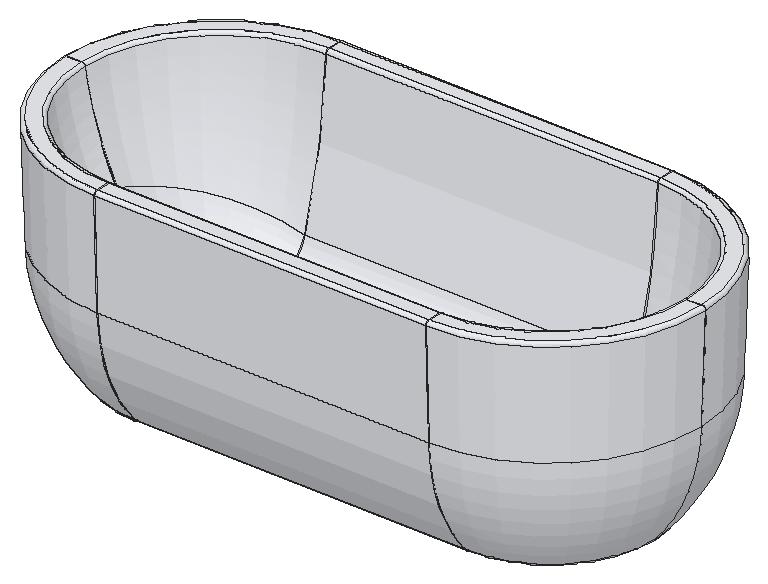
Revit family "Bath-Freestanding-Stylus Origin 1550a", category Plumbing Fixtures, host Face, Revit 2014
Parameters (values of type "Standard")
  Width_ANZRS = 750 mm  # constant formula
  Waste Radius [instance] = 30 mm
  Waste Connection = yes
  Waste = Metal-Chrome-Caroma
  WFU = 4
  Vent Connection = no
  URL = "http://www.stylus.com.au"
  Type Comments = "Integrated adjustable feet included, no overflow, plug & waste not included, white only"  # constant formula
  PlumbingMaterial_ANZRS = PVC-White-Caroma
  ModifiedIssue_ANZRS = 20141003.01  # constant formula
  Model = "OR6W"  # constant formula
  Material_ANZRS = Porcelain-White-Caroma
  Manufacturer = "GWA Bathrooms & Kitchens"  # constant formula
  Length_ANZRS = 1550 mm  # constant formula
  Keynote = "BT"
  Height_ANZRS = 550 mm  # constant formula
  HW Connection = no
  Description = "Stylus Origin 1550 Freestanding Bath"  # constant formula
  Default Elevation = 0 mm
  CreatedBy_ANZRS = "Design Content"  # constant formula
  CreatedByURL_ANZRS = "http://www.designcontent.com.au"
  Cost = 0
  Capacity_ANZRS = 0.0 L
  CW Connection = no
  Assembly Code = "C1030210"
Reference planes
  plane 1 "Origin": y = 0
  plane 2 "Bottom": z = 0
  plane 3 "Center (Left/Right)": x = 0
  plane 4 "Top": z = 550
  plane 5 "Back": y = 375
  plane 6 "Front": y = -375
  plane 7 "Left": x = -775
  plane 8 "Right": x = 775
  plane 9: y = 125
Forms (mm)
  Revolve 1, solid, material "Porcelain-White-Caroma" <- "Material_ANZRS"
    sketch origin (0, 125, 0) x (0, 1, 0) y (0, 0, 1)
      loop
        arc (39.009, 112) -> (36.591, 111.468) -> (34.619, 109.972) r 5.765
        arc (34.619, 109.972) -> (30.772, 106.833) -> (26.063, 105.262) r 13.775
        line (26.063, 105.262) -> (26.063, 90.742) -> (31.063, 90.742) -> (31.063, 101.453)
        arc (31.063, 101.453) -> (35.068, 103.641) -> (38.426, 106.731) r 18.775
        line (38.426, 106.731) -> (42.912, 112) -> (39.009, 112)
      axis (0, 112) -> (0, 90.742)
    angle from 0 to 360
  Extrusion 2, solid, material "PVC-White-Caroma" <- "PlumbingMaterial_ANZRS"
    sketch origin (0, 125, 0) x (1, 0, 0) y (0, 1, 0)
      loop
        circle (0, 0) r 30
    from 0 to 80
  Extrusion 3, void
    sketch origin (0, 125, 0) x (1, 0, 0) y (0, 1, 0)
      loop
        circle (0, 0) r 30
    from -200 to 0
  SweptBlend 4, solid, material "Porcelain-White-Caroma" <- "Material_ANZRS"
    path origin (0, 0, 0) x (1, 0, 0) y (0, 1, 0)
      loop
        arc (-400, 375) -> (-665.165, 265.165) -> (-775, 0) r 375
    profile origin (-400, 375, 0) x (0, -1, 0) y (0, 0, 1)
      loop
        line (0.036, 540.686) -> (8.968, 284.906)
        arc (8.968, 284.906) -> (40.706, 134.306) -> (121.582, 3.361) r 447.579
        arc (121.582, 3.361) -> (124.961, 0.879) -> (129.06, 0) r 10
        line (129.06, 0) -> (306.7, 0) -> (306.7, 112) -> (205.82, 112)
        arc (205.82, 112) -> (149.779, 130.29) -> (115.317, 178.116) r 95
        arc (115.317, 178.116) -> (70.778, 358.005) -> (50.381, 542.199) r 1400.399
        arc (50.381, 542.199) -> (47.871, 547.736) -> (42.229, 550) r 8.161
        line (42.229, 550) -> (9.031, 550)
        arc (9.031, 550) -> (2.557, 547.252) -> (0.036, 540.686) r 9
    end profile origin (-775, 0, 0) x (1, 0, 0) y (0, 0, 1)
      loop
        line (0.036, 540.691) -> (8.899, 286.881)
        arc (8.899, 286.881) -> (40.093, 136.551) -> (119.553, 5.181) r 454.565
        arc (119.553, 5.181) -> (124.659, 1.357) -> (130.893, 0) r 15
        line (130.893, 0) -> (306.665, 0) -> (306.665, 112)
        arc (306.665, 112) -> (271.973, 119.402) -> (243.324, 140.317) r 85
        arc (243.324, 140.317) -> (180.456, 220.484) -> (128.501, 308.118) r 784.949
        arc (128.501, 308.118) -> (81.382, 422.269) -> (52.749, 542.397) r 784.949
        arc (52.749, 542.397) -> (49.709, 547.844) -> (43.857, 550.005) r 9
        line (43.857, 550.005) -> (9.031, 550.005)
        arc (9.031, 550.005) -> (2.557, 547.257) -> (0.036, 540.691) r 9
  Sweep 5, solid, material "Porcelain-White-Caroma" <- "Material_ANZRS"
    path origin (0, 0, 0) x (1, 0, 0) y (0, 1, 0)
      loop
        line (-400, 375) -> (400, 375)
    profile origin (0, 375, 0) x (0, 1, 0) y (0, 0, 1)
      loop
        arc (-0.036, 540.686) -> (-2.557, 547.252) -> (-9.031, 550) r 9
        line (-9.031, 550) -> (-42.229, 550)
        arc (-42.229, 550) -> (-47.871, 547.736) -> (-50.381, 542.199) r 8.161
        arc (-50.381, 542.199) -> (-70.778, 358.005) -> (-115.317, 178.116) r 1400.399
        arc (-115.317, 178.116) -> (-149.779, 130.29) -> (-205.82, 112) r 95
        line (-205.82, 112) -> (-306.7, 112) -> (-306.7, 0) -> (-129.06, 0)
        arc (-129.06, 0) -> (-124.961, 0.879) -> (-121.582, 3.361) r 10
        arc (-121.582, 3.361) -> (-40.706, 134.306) -> (-8.968, 284.906) r 447.579
        line (-8.968, 284.906) -> (-0.036, 540.686)
  Sweep 6, solid, material "Porcelain-White-Caroma" <- "Material_ANZRS"
    path origin (0, 0, 0) x (1, 0, 0) y (0, -1, 0)
      loop
        line (-400, 375) -> (400, 375)
    profile origin (0, -375, 0) x (0, 1, 0) y (0, 0, 1)
      loop
        line (0.036, 540.686) -> (8.968, 284.906)
        arc (8.968, 284.906) -> (40.706, 134.306) -> (121.582, 3.361) r 447.579
        arc (121.582, 3.361) -> (124.961, 0.879) -> (129.06, 0) r 10
        line (129.06, 0) -> (306.7, 0) -> (306.7, 112) -> (205.82, 112)
        arc (205.82, 112) -> (149.779, 130.29) -> (115.317, 178.116) r 95
        arc (115.317, 178.116) -> (70.778, 358.005) -> (50.381, 542.199) r 1400.399
        arc (50.381, 542.199) -> (47.871, 547.736) -> (42.229, 550) r 8.161
        line (42.229, 550) -> (9.031, 550)
        arc (9.031, 550) -> (2.557, 547.252) -> (0.036, 540.686) r 9
  SweptBlend 7, solid, material "Porcelain-White-Caroma" <- "Material_ANZRS"
    path origin (0, 0, 0) x (1, 0, 0) y (0, -1, 0)
      loop
        arc (-400, 375) -> (-665.165, 265.165) -> (-775, 0) r 375
    profile origin (-400, -375, 0) x (0, -1, 0) y (0, 0, 1)
      loop
        arc (-0.036, 540.686) -> (-2.557, 547.252) -> (-9.031, 550) r 9
        line (-9.031, 550) -> (-42.229, 550)
        arc (-42.229, 550) -> (-47.871, 547.736) -> (-50.381, 542.199) r 8.161
        arc (-50.381, 542.199) -> (-70.778, 358.005) -> (-115.317, 178.116) r 1400.399
        arc (-115.317, 178.116) -> (-149.779, 130.29) -> (-205.82, 112) r 95
        line (-205.82, 112) -> (-306.7, 112) -> (-306.7, 0) -> (-129.06, 0)
        arc (-129.06, 0) -> (-124.961, 0.879) -> (-121.582, 3.361) r 10
        arc (-121.582, 3.361) -> (-40.706, 134.306) -> (-8.968, 284.906) r 447.579
        line (-8.968, 284.906) -> (-0.036, 540.686)
    end profile origin (-775, 0, 0) x (-1, 0, 0) y (0, 0, 1)
      loop
        arc (-0.036, 540.691) -> (-2.557, 547.257) -> (-9.031, 550.005) r 9
        line (-9.031, 550.005) -> (-43.857, 550.005)
        arc (-43.857, 550.005) -> (-49.709, 547.844) -> (-52.749, 542.397) r 9
        arc (-52.749, 542.397) -> (-81.382, 422.269) -> (-128.501, 308.118) r 784.949
        arc (-128.501, 308.118) -> (-180.456, 220.484) -> (-243.324, 140.317) r 784.949
        arc (-243.324, 140.317) -> (-271.973, 119.402) -> (-306.665, 112) r 85
        line (-306.665, 112) -> (-306.665, 0) -> (-130.893, 0)
        arc (-130.893, 0) -> (-124.659, 1.357) -> (-119.553, 5.181) r 15
        arc (-119.553, 5.181) -> (-40.093, 136.551) -> (-8.899, 286.881) r 454.565
        line (-8.899, 286.881) -> (-0.036, 540.691)
  SweptBlend 8, solid, material "Porcelain-White-Caroma" <- "Material_ANZRS"
    path origin (0, 0, 0) x (-1, 0, 0) y (0, 1, 0)
      loop
        arc (-400, 375) -> (-665.165, 265.165) -> (-775, 0) r 375
    profile origin (400, 375, 0) x (0, 1, 0) y (0, 0, 1)
      loop
        arc (-0.036, 540.686) -> (-2.557, 547.252) -> (-9.031, 550) r 9
        line (-9.031, 550) -> (-42.229, 550)
        arc (-42.229, 550) -> (-47.871, 547.736) -> (-50.381, 542.199) r 8.161
        arc (-50.381, 542.199) -> (-70.778, 358.005) -> (-115.317, 178.116) r 1400.399
        arc (-115.317, 178.116) -> (-149.779, 130.29) -> (-205.82, 112) r 95
        line (-205.82, 112) -> (-306.7, 112) -> (-306.7, 0) -> (-129.06, 0)
        arc (-129.06, 0) -> (-124.961, 0.879) -> (-121.582, 3.361) r 10
        arc (-121.582, 3.361) -> (-40.706, 134.306) -> (-8.968, 284.906) r 447.579
        line (-8.968, 284.906) -> (-0.036, 540.686)
    end profile origin (775, 0, 0) x (1, 0, 0) y (0, 0, 1)
      loop
        arc (-0.036, 540.691) -> (-2.557, 547.257) -> (-9.031, 550.005) r 9
        line (-9.031, 550.005) -> (-43.857, 550.005)
        arc (-43.857, 550.005) -> (-49.709, 547.844) -> (-52.749, 542.397) r 9
        arc (-52.749, 542.397) -> (-81.382, 422.269) -> (-128.501, 308.118) r 784.949
        arc (-128.501, 308.118) -> (-180.456, 220.484) -> (-243.324, 140.317) r 784.949
        arc (-243.324, 140.317) -> (-271.973, 119.402) -> (-306.665, 112) r 85
        line (-306.665, 112) -> (-306.665, 0) -> (-130.893, 0)
        arc (-130.893, 0) -> (-124.659, 1.357) -> (-119.553, 5.181) r 15
        arc (-119.553, 5.181) -> (-40.093, 136.551) -> (-8.899, 286.881) r 454.565
        line (-8.899, 286.881) -> (-0.036, 540.691)
  SweptBlend 9, solid, material "Porcelain-White-Caroma" <- "Material_ANZRS"
    path origin (0, 0, 0) x (-1, 0, 0) y (0, -1, 0)
      loop
        arc (-400, 375) -> (-665.165, 265.165) -> (-775, 0) r 375
    profile origin (400, -375, 0) x (0, 1, 0) y (0, 0, 1)
      loop
        line (0.036, 540.686) -> (8.968, 284.906)
        arc (8.968, 284.906) -> (40.706, 134.306) -> (121.582, 3.361) r 447.579
        arc (121.582, 3.361) -> (124.961, 0.879) -> (129.06, 0) r 10
        line (129.06, 0) -> (306.7, 0) -> (306.7, 112) -> (205.82, 112)
        arc (205.82, 112) -> (149.779, 130.29) -> (115.317, 178.116) r 95
        arc (115.317, 178.116) -> (70.778, 358.005) -> (50.381, 542.199) r 1400.399
        arc (50.381, 542.199) -> (47.871, 547.736) -> (42.229, 550) r 8.161
        line (42.229, 550) -> (9.031, 550)
        arc (9.031, 550) -> (2.557, 547.252) -> (0.036, 540.686) r 9
    end profile origin (775, 0, 0) x (-1, 0, 0) y (0, 0, 1)
      loop
        line (0.036, 540.691) -> (8.899, 286.881)
        arc (8.899, 286.881) -> (40.093, 136.551) -> (119.553, 5.181) r 454.565
        arc (119.553, 5.181) -> (124.659, 1.357) -> (130.893, 0) r 15
        line (130.893, 0) -> (306.665, 0) -> (306.665, 112)
        arc (306.665, 112) -> (271.973, 119.402) -> (243.324, 140.317) r 85
        arc (243.324, 140.317) -> (180.456, 220.484) -> (128.501, 308.118) r 784.949
        arc (128.501, 308.118) -> (81.382, 422.269) -> (52.749, 542.397) r 784.949
        arc (52.749, 542.397) -> (49.709, 547.844) -> (43.857, 550.005) r 9
        line (43.857, 550.005) -> (9.031, 550.005)
        arc (9.031, 550.005) -> (2.557, 547.257) -> (0.036, 540.691) r 9
  Extrusion 10, solid, material "Porcelain-White-Caroma" <- "Material_ANZRS"
    sketch origin (0, 0, 0) x (1, 0, 0) y (0, 1, 0)
      loop
        arc (-400, 68.3) -> (-468.3, 0) -> (-400, -68.3) r 68.3
        line (-400, -68.3) -> (400, -68.3)
        arc (400, -68.3) -> (468.3, 0) -> (400, 68.3) r 68.3
        line (400, 68.3) -> (-400, 68.3)
    from 0 to 112
  Revolve 11, solid, material "Metal-Chrome-Caroma" <- "Waste"
    sketch origin (0, 125, 0) x (0, 1, 0) y (0, 0, 1)
      loop
        line (19.289, 98.813) -> (19.289, 105.262) -> (23.696, 106.361)
        spline (23.696, 106.361) -> (23.493, 107.017) -> (22.888, 107.661) -> (21.892, 108.283) -> (20.521, 108.872) -> (18.799, 109.418) -> (16.756, 109.912) -> (14.425, 110.345) -> (11.848, 110.71) -> (9.068, 111) -> (6.133, 111.211) -> (3.093, 111.339) -> (0, 111.382)
        line (0, 111.382) -> (0, 98.813) -> (19.289, 98.813)
      axis (0, 111.382) -> (0, 98.813)
    angle from 0 to 360
  Revolve 12, void
    sketch origin (0, 125, 0) x (0, 1, 0) y (0, 0, 1)
      loop
        line (39.009, 112) -> (39.009, 131.669) -> (0, 131.669) -> (0, 90.742) -> (26.063, 90.742) -> (26.063, 105.262)
        arc (26.063, 105.262) -> (30.772, 106.833) -> (34.619, 109.972) r 13.775
        arc (34.619, 109.972) -> (36.591, 111.468) -> (39.009, 112) r 5.765
      axis (0, 131.669) -> (0, 90.742)
    angle from 0 to 360
  Extrusion 13, void
    sketch origin (0, 125, 0) x (1, 0, 0) y (0, 1, 0)
      loop
        circle (0, 0) r 30
    from -200 to 0
Cuts and joins
  Revolve 12 cuts Sweep 5
  joined: Sweep 5, Sweep 6, Extrusion 10
Lines and regions (mm)
  Masking region 1
    outline origin (0, 0, 0) x (1, 0, 0) y (0, 0, 1)
      loop
        line (-774.964, 540.691) -> (-766.101, 286.881)
        arc (-766.101, 286.881) -> (-734.907, 136.551) -> (-655.447, 5.181) r 454.565
        arc (-655.447, 5.181) -> (-650.341, 1.357) -> (-644.107, 0) r 15
        line (-644.107, 0) -> (644.107, 0)
        arc (644.107, 0) -> (650.341, 1.357) -> (655.447, 5.181) r 15
        arc (655.447, 5.181) -> (734.907, 136.551) -> (766.101, 286.881) r 454.565
        line (766.101, 286.881) -> (774.964, 540.691)
        arc (774.964, 540.691) -> (772.443, 547.257) -> (765.969, 550.005) r 9
        line (765.969, 550.005) -> (-765.969, 550.005)
        arc (-765.969, 550.005) -> (-772.443, 547.257) -> (-774.964, 540.691) r 9
  Masking region 2
    outline origin (0, 0, 0) x (0, 1, 0) y (0, 0, 1)
      loop
        arc (374.964, 540.686) -> (372.443, 547.252) -> (365.969, 550) r 9
        line (365.969, 550) -> (-365.969, 550)
        arc (-365.969, 550) -> (-372.443, 547.252) -> (-374.964, 540.686) r 9
        line (-374.964, 540.686) -> (-366.032, 284.906)
        arc (-366.032, 284.906) -> (-334.294, 134.306) -> (-253.418, 3.361) r 447.579
        arc (-253.418, 3.361) -> (-250.039, 0.879) -> (-245.94, 0) r 10
        line (-245.94, 0) -> (245.94, 0)
        arc (245.94, 0) -> (250.039, 0.879) -> (253.418, 3.361) r 10
        arc (253.418, 3.361) -> (334.294, 134.306) -> (366.032, 284.906) r 447.579
        line (366.032, 284.906) -> (374.964, 540.686)
  Masking region 3
    outline origin (0, 0, 0) x (1, 0, 0) y (0, 1, 0)
      loop
        arc (-400, 375) -> (-775, 0) -> (-400, -375) r 375
        line (-400, -375) -> (400, -375)
        arc (400, -375) -> (775, 0) -> (400, 375) r 375
        line (400, 375) -> (-400, 375)
  symbolic lines, style "Baths/Showers"
    curve 1: circle (0, 125, 0) r 30 normal (0, 0, 1)
    curve 2: circle (0, 125, 0) r 37.5 normal (0, 0, 1)
    curve 3: arc (-400, 325, 0) -> (-725, 0, 0) -> (-400, -325, 0) r 325
    curve 4: line (-400, -325, 0) -> (400, -325, 0)
    curve 5: arc (400, -325, 0) -> (725, 0, 0) -> (400, 325, 0) r 325
    curve 6: line (400, 325, 0) -> (-400, 325, 0)
    curve 7: line (-325.674, 243.781, 0) -> (325.674, 243.781, 0)
    curve 8: line (-325.674, -243.781, 0) -> (325.674, -243.781, 0)
    curve 9: spline (-325.674, 243.781, 0) -> (-400.732, 235.474, 0) -> (-470.674, 211.12, 0) -> (-530.735, 172.379, 0) -> (-576.822, 121.89, 0) -> (-605.793, 63.095, 0) -> (-615.674, 0, 0) -> (-605.793, -63.095, 0) -> (-576.822, -121.89, 0) -> (-530.735, -172.379, 0) -> (-470.674, -211.12, 0) -> (-400.732, -235.474, 0) -> (-325.674, -243.781, 0)
    curve 10: spline (325.674, 243.781, 0) -> (400.732, 235.474, 0) -> (470.674, 211.12, 0) -> (530.735, 172.379, 0) -> (576.822, 121.89, 0) -> (605.793, 63.095, 0) -> (615.674, 0, 0) -> (605.793, -63.095, 0) -> (576.822, -121.89, 0) -> (530.735, -172.379, 0) -> (470.674, -211.12, 0) -> (400.732, -235.474, 0) -> (325.674, -243.781, 0)
Dimensions and locks
  plane 4 "Top" to level = 550 mm
  level to plane 4 "Top" = 550 mm
  equal spacing: plane 6 "Front", plane 1 "Origin", plane 5 "Back"
  plane 6 "Front" to plane 5 "Back" = 750 mm
  equal spacing: plane 7 "Left", plane 3 "Center (Left/Right)", plane 8 "Right"
  plane 7 "Left" to plane 8 "Right" = 1550 mm
  "Waste Radius": radius of Extrusion 2 sketch curve
  "Waste Radius": radius of Extrusion 3 sketch curve
  "Waste Radius": radius of Extrusion 13 sketch curve
  aligned and locked: plane 2 "Bottom" to host face
  aligned and locked: level to host face
Automatic sketch dimensions
  host sketch curve to host sketch curve = 2438.4 mm  (x2)
  plane 1 "Origin" to SweptBlend 4 sketch curve = 0 mm
  SweptBlend 4 sketch curve to plane 7 "Left" = 0 mm
  SweptBlend 4 sketch curve to plane 5 "Back" = 0 mm
  SweptBlend 4 sketch curve to SweptBlend 4 sketch curve = 0 mm  (x8)
  SweptBlend 4 sketch curve to level = 0 mm  (x2)
  SweptBlend 4 sketch curve to profile plane = 0.036 mm  (x2)
  SweptBlend 4 sketch curve to profile plane = 8.899 mm
  SweptBlend 4 sketch curve to profile plane = 9.031 mm  (x2)
  SweptBlend 4 sketch curve to SweptBlend 4 sketch curve = 34.827 mm
  SweptBlend 4 sketch curve to SweptBlend 4 sketch curve = 8.892 mm
  level to SweptBlend 4 sketch curve = 5.181 mm
  SweptBlend 4 sketch curve to profile plane = 119.553 mm
  SweptBlend 4 sketch curve to SweptBlend 4 sketch curve = 119.601 mm
  level to SweptBlend 4 sketch curve = 15 mm
  SweptBlend 4 sketch curve to SweptBlend 4 sketch curve = 112.431 mm
  SweptBlend 4 sketch curve to SweptBlend 4 sketch curve = 63.341 mm
  SweptBlend 4 sketch curve to SweptBlend 4 sketch curve = 156.523 mm
  SweptBlend 4 sketch curve to SweptBlend 4 sketch curve = 365.071 mm
  SweptBlend 4 sketch curve to SweptBlend 4 sketch curve = 112 mm
  SweptBlend 4 sketch curve to SweptBlend 4 sketch curve = 28.317 mm
  SweptBlend 4 sketch curve to SweptBlend 4 sketch curve = 9.314 mm  (x2)
  SweptBlend 4 sketch curve to profile plane = 8.968 mm
  SweptBlend 4 sketch curve to SweptBlend 4 sketch curve = 33.198 mm
  SweptBlend 4 sketch curve to SweptBlend 4 sketch curve = 8.153 mm
  SweptBlend 4 sketch curve to profile plane = 115.317 mm
  level to SweptBlend 4 sketch curve = 3.361 mm
  SweptBlend 4 sketch curve to profile plane = 121.582 mm
  level to SweptBlend 4 sketch curve = 10 mm
  SweptBlend 4 sketch curve to SweptBlend 4 sketch curve = 90.503 mm
  SweptBlend 4 sketch curve to SweptBlend 4 sketch curve = 100.88 mm
  SweptBlend 4 sketch curve to SweptBlend 4 sketch curve = 149.575 mm
  level to SweptBlend 4 sketch curve = 603.891 mm
  SweptBlend 4 sketch curve to SweptBlend 4 sketch curve = 993.146 mm
  level to SweptBlend 4 sketch curve = 112 mm
  Sweep 5 sketch curve to plane 5 "Back" = 0 mm
  plane 7 "Left" to Sweep 5 sketch curve = 375 mm
  Sweep 5 sketch curve to plane 8 "Right" = 375 mm
  Sweep 5 sketch curve to level = 0 mm
  level to Sweep 5 sketch curve = 603.891 mm
  profile plane to Sweep 5 sketch curve = 1449.42 mm
  profile plane to Sweep 5 sketch curve = 456.275 mm
  profile plane to Sweep 5 sketch curve = 306.7 mm
  Sweep 5 sketch curve to Sweep 5 sketch curve = 100.88 mm
  profile plane to Sweep 5 sketch curve = 129.06 mm
  level to Sweep 5 sketch curve = 3.361 mm
  Sweep 5 sketch curve to Sweep 5 sketch curve = 7.478 mm
  Sweep 5 sketch curve to Sweep 5 sketch curve = 0 mm  (x3)
  Sweep 5 sketch curve to Sweep 5 sketch curve = 90.503 mm
  profile plane to Sweep 5 sketch curve = 50.381 mm
  Sweep 5 sketch curve to Sweep 5 sketch curve = 8.153 mm
  profile plane to Sweep 5 sketch curve = 9.031 mm
  profile plane to Sweep 5 sketch curve = 8.968 mm
  profile plane to Sweep 5 sketch curve = 0.036 mm
  level to Sweep 5 sketch curve = 112 mm
  Sweep 5 sketch curve to Sweep 5 sketch curve = 9.314 mm
  plane 6 "Front" to Sweep 6 sketch curve = 0 mm
  Sweep 6 sketch curve to plane 7 "Left" = 375 mm
  plane 8 "Right" to Sweep 6 sketch curve = 375 mm
  Sweep 6 sketch curve to level = 0 mm
  Sweep 6 sketch curve to profile plane = 0.036 mm
  Sweep 6 sketch curve to profile plane = 8.968 mm
  Sweep 6 sketch curve to profile plane = 9.031 mm
  Sweep 6 sketch curve to Sweep 6 sketch curve = 33.198 mm
  Sweep 6 sketch curve to Sweep 6 sketch curve = 8.153 mm
  Sweep 6 sketch curve to Sweep 6 sketch curve = 0 mm  (x3)
  Sweep 6 sketch curve to profile plane = 115.317 mm
  level to Sweep 6 sketch curve = 3.361 mm
  Sweep 6 sketch curve to profile plane = 121.582 mm
  level to Sweep 6 sketch curve = 10 mm
  Sweep 6 sketch curve to Sweep 6 sketch curve = 90.503 mm
  Sweep 6 sketch curve to Sweep 6 sketch curve = 100.88 mm
  Sweep 6 sketch curve to Sweep 6 sketch curve = 149.575 mm
  level to Sweep 6 sketch curve = 603.891 mm
  Sweep 6 sketch curve to Sweep 6 sketch curve = 993.146 mm
  level to Sweep 6 sketch curve = 112 mm
  Sweep 6 sketch curve to Sweep 6 sketch curve = 9.314 mm
  plane 1 "Origin" to SweptBlend 7 sketch curve = 0 mm
  SweptBlend 7 sketch curve to plane 7 "Left" = 0 mm
  plane 6 "Front" to SweptBlend 7 sketch curve = 0 mm
  SweptBlend 7 sketch curve to SweptBlend 7 sketch curve = 0 mm  (x8)
  SweptBlend 7 sketch curve to level = 0 mm  (x2)
  profile plane to SweptBlend 7 sketch curve = 828.259 mm
  profile plane to SweptBlend 7 sketch curve = 463.187 mm
  profile plane to SweptBlend 7 sketch curve = 306.665 mm
  SweptBlend 7 sketch curve to SweptBlend 7 sketch curve = 63.341 mm
  profile plane to SweptBlend 7 sketch curve = 130.893 mm
  profile plane to SweptBlend 7 sketch curve = 128.501 mm
  level to SweptBlend 7 sketch curve = 5.181 mm
  SweptBlend 7 sketch curve to SweptBlend 7 sketch curve = 11.339 mm
  profile plane to SweptBlend 7 sketch curve = 52.749 mm
  SweptBlend 7 sketch curve to SweptBlend 7 sketch curve = 8.892 mm
  profile plane to SweptBlend 7 sketch curve = 9.031 mm  (x2)
  profile plane to SweptBlend 7 sketch curve = 8.899 mm
  profile plane to SweptBlend 7 sketch curve = 0.036 mm  (x2)
  SweptBlend 7 sketch curve to SweptBlend 7 sketch curve = 112 mm
  SweptBlend 7 sketch curve to SweptBlend 7 sketch curve = 28.317 mm
  SweptBlend 7 sketch curve to SweptBlend 7 sketch curve = 9.314 mm  (x2)
  level to SweptBlend 7 sketch curve = 603.891 mm
  profile plane to SweptBlend 7 sketch curve = 1449.42 mm
  profile plane to SweptBlend 7 sketch curve = 456.275 mm
  profile plane to SweptBlend 7 sketch curve = 306.7 mm
  SweptBlend 7 sketch curve to SweptBlend 7 sketch curve = 100.88 mm
  profile plane to SweptBlend 7 sketch curve = 129.06 mm
  level to SweptBlend 7 sketch curve = 3.361 mm
  SweptBlend 7 sketch curve to SweptBlend 7 sketch curve = 7.478 mm
  SweptBlend 7 sketch curve to SweptBlend 7 sketch curve = 90.503 mm
  profile plane to SweptBlend 7 sketch curve = 50.381 mm
  SweptBlend 7 sketch curve to SweptBlend 7 sketch curve = 8.153 mm
  profile plane to SweptBlend 7 sketch curve = 8.968 mm
  level to SweptBlend 7 sketch curve = 112 mm
  plane 1 "Origin" to SweptBlend 8 sketch curve = 0 mm
  SweptBlend 8 sketch curve to plane 8 "Right" = 0 mm
  SweptBlend 8 sketch curve to plane 5 "Back" = 0 mm
  SweptBlend 8 sketch curve to SweptBlend 8 sketch curve = 0 mm  (x8)
  SweptBlend 8 sketch curve to level = 0 mm  (x2)
  profile plane to SweptBlend 8 sketch curve = 828.259 mm
  profile plane to SweptBlend 8 sketch curve = 463.187 mm
  profile plane to SweptBlend 8 sketch curve = 306.665 mm
  SweptBlend 8 sketch curve to SweptBlend 8 sketch curve = 63.341 mm
  profile plane to SweptBlend 8 sketch curve = 130.893 mm
  profile plane to SweptBlend 8 sketch curve = 128.501 mm
  level to SweptBlend 8 sketch curve = 5.181 mm
  SweptBlend 8 sketch curve to SweptBlend 8 sketch curve = 11.339 mm
  profile plane to SweptBlend 8 sketch curve = 52.749 mm
  SweptBlend 8 sketch curve to SweptBlend 8 sketch curve = 8.892 mm
  profile plane to SweptBlend 8 sketch curve = 9.031 mm  (x2)
  profile plane to SweptBlend 8 sketch curve = 8.899 mm
  profile plane to SweptBlend 8 sketch curve = 0.036 mm  (x2)
  level to SweptBlend 8 sketch curve = 112 mm  (x2)
  SweptBlend 8 sketch curve to SweptBlend 8 sketch curve = 28.317 mm
  SweptBlend 8 sketch curve to SweptBlend 8 sketch curve = 9.314 mm  (x2)
  level to SweptBlend 8 sketch curve = 603.891 mm
  profile plane to SweptBlend 8 sketch curve = 1449.42 mm
  profile plane to SweptBlend 8 sketch curve = 456.275 mm
  profile plane to SweptBlend 8 sketch curve = 306.7 mm
  SweptBlend 8 sketch curve to SweptBlend 8 sketch curve = 100.88 mm
  profile plane to SweptBlend 8 sketch curve = 129.06 mm
  level to SweptBlend 8 sketch curve = 3.361 mm
  SweptBlend 8 sketch curve to SweptBlend 8 sketch curve = 7.478 mm
  SweptBlend 8 sketch curve to SweptBlend 8 sketch curve = 90.503 mm
  profile plane to SweptBlend 8 sketch curve = 50.381 mm
  SweptBlend 8 sketch curve to SweptBlend 8 sketch curve = 8.153 mm
  profile plane to SweptBlend 8 sketch curve = 8.968 mm
  plane 1 "Origin" to SweptBlend 9 sketch curve = 0 mm
  SweptBlend 9 sketch curve to plane 8 "Right" = 0 mm
  plane 6 "Front" to SweptBlend 9 sketch curve = 0 mm
  SweptBlend 9 sketch curve to SweptBlend 9 sketch curve = 0 mm  (x8)
  SweptBlend 9 sketch curve to level = 0 mm  (x2)
  SweptBlend 9 sketch curve to profile plane = 0.036 mm  (x2)
  SweptBlend 9 sketch curve to profile plane = 8.899 mm
  SweptBlend 9 sketch curve to profile plane = 9.031 mm  (x2)
  SweptBlend 9 sketch curve to SweptBlend 9 sketch curve = 34.827 mm
  SweptBlend 9 sketch curve to SweptBlend 9 sketch curve = 8.892 mm
  level to SweptBlend 9 sketch curve = 5.181 mm
  SweptBlend 9 sketch curve to profile plane = 119.553 mm
  SweptBlend 9 sketch curve to SweptBlend 9 sketch curve = 119.601 mm
  level to SweptBlend 9 sketch curve = 15 mm
  SweptBlend 9 sketch curve to SweptBlend 9 sketch curve = 112.431 mm
  SweptBlend 9 sketch curve to SweptBlend 9 sketch curve = 63.341 mm
  SweptBlend 9 sketch curve to SweptBlend 9 sketch curve = 156.523 mm
  SweptBlend 9 sketch curve to SweptBlend 9 sketch curve = 365.071 mm
  level to SweptBlend 9 sketch curve = 112 mm  (x2)
  SweptBlend 9 sketch curve to SweptBlend 9 sketch curve = 28.317 mm
  SweptBlend 9 sketch curve to SweptBlend 9 sketch curve = 9.314 mm  (x2)
  SweptBlend 9 sketch curve to profile plane = 8.968 mm
  SweptBlend 9 sketch curve to SweptBlend 9 sketch curve = 33.198 mm
  SweptBlend 9 sketch curve to SweptBlend 9 sketch curve = 8.153 mm
  SweptBlend 9 sketch curve to profile plane = 115.317 mm
  level to SweptBlend 9 sketch curve = 3.361 mm
  SweptBlend 9 sketch curve to profile plane = 121.582 mm
  level to SweptBlend 9 sketch curve = 10 mm
  SweptBlend 9 sketch curve to SweptBlend 9 sketch curve = 90.503 mm
  SweptBlend 9 sketch curve to SweptBlend 9 sketch curve = 100.88 mm
  SweptBlend 9 sketch curve to SweptBlend 9 sketch curve = 149.575 mm
  level to SweptBlend 9 sketch curve = 603.891 mm
  SweptBlend 9 sketch curve to SweptBlend 9 sketch curve = 993.146 mm
  plane 1 "Origin" to Extrusion 10 sketch curve = 0 mm
  plane 9 to Extrusion 10 sketch curve = 56.7 mm
  plane 7 "Left" to Extrusion 10 sketch curve = 375 mm
  Extrusion 10 sketch curve to plane 8 "Right" = 375 mm
  Revolve 1 sketch curve to Revolve 1 sketch curve = 0 mm  (x3)
  Revolve 1 sketch curve to plane 9 = 0 mm
  Revolve 1 sketch curve to plane 9 = 24.13 mm
  Revolve 1 sketch curve to plane 9 = 26.063 mm
  Revolve 1 sketch curve to Revolve 1 sketch curve = 5 mm
  Revolve 1 sketch curve to Revolve 1 sketch curve = 3.556 mm
  Revolve 1 sketch curve to Revolve 1 sketch curve = 3.807 mm
  Revolve 1 sketch curve to Revolve 1 sketch curve = 0.583 mm
  Revolve 1 sketch curve to Revolve 1 sketch curve = 3.903 mm
  level to Revolve 1 sketch curve = 60.83 mm
  Revolve 1 sketch curve to Revolve 1 sketch curve = 11.759 mm
  Revolve 1 sketch curve to Revolve 1 sketch curve = 18.153 mm
  Revolve 1 sketch curve to Revolve 1 sketch curve = 10.711 mm
  Revolve 1 sketch curve to Revolve 1 sketch curve = 3.809 mm
  Revolve 1 sketch curve to Revolve 1 sketch curve = 4.782 mm
  Revolve 11 sketch curve to plane 9 = 0 mm  (x2)
  Revolve 11 sketch curve to Revolve 11 sketch curve = 4.407 mm
  level to Revolve 11 sketch curve = 60.83 mm
  Revolve 11 sketch curve to Revolve 11 sketch curve = 11.759 mm
  Revolve 11 sketch curve to Revolve 11 sketch curve = 26.224 mm
  Revolve 11 sketch curve to Revolve 11 sketch curve = 6.45 mm
  Revolve 11 sketch curve to Revolve 11 sketch curve = 5.021 mm
  Revolve 11 sketch curve to plane 9 = 19.289 mm
  Revolve 11 sketch curve to Revolve 11 sketch curve = 7.549 mm
  Revolve 12 sketch curve to plane 9 = 0 mm  (x2)
  Revolve 12 sketch curve to plane 9 = 24.13 mm
  Revolve 12 sketch curve to Revolve 12 sketch curve = 1.933 mm
  Revolve 12 sketch curve to Revolve 12 sketch curve = 0 mm
  level to Revolve 12 sketch curve = 60.83 mm
  Revolve 12 sketch curve to Revolve 12 sketch curve = 11.759 mm
  Revolve 12 sketch curve to Revolve 12 sketch curve = 18.153 mm
  Revolve 12 sketch curve to Revolve 12 sketch curve = 12.768 mm
  Revolve 12 sketch curve to Revolve 12 sketch curve = 8.556 mm
  Revolve 12 sketch curve to Revolve 12 sketch curve = 14.879 mm
  Revolve 12 sketch curve to Revolve 12 sketch curve = 14.52 mm
  Revolve 12 sketch curve to Revolve 12 sketch curve = 0.972 mm
  Masking region 1 sketch curve to level = 0 mm
  plane 7 "Left" to Masking region 1 sketch curve = 0.036 mm
  plane 7 "Left" to Masking region 1 sketch curve = 8.899 mm
  Masking region 1 sketch curve to Masking region 1 sketch curve = 8.995 mm
  plane 4 "Top" to Masking region 1 sketch curve = 0.005 mm
  level to Masking region 1 sketch curve = 5.181 mm  (x2)
  plane 7 "Left" to Masking region 1 sketch curve = 119.553 mm
  Masking region 1 sketch curve to Masking region 1 sketch curve = 0 mm  (x2)
  Masking region 1 sketch curve to Masking region 1 sketch curve = 11.339 mm  (x2)
  level to Masking region 1 sketch curve = 302.746 mm
  plane 3 "Center (Left/Right)" to Masking region 1 sketch curve = 311.813 mm
  Masking region 1 sketch curve to plane 8 "Right" = 130.893 mm
  Masking region 1 sketch curve to plane 8 "Right" = 9.031 mm
  Masking region 1 sketch curve to plane 8 "Right" = 8.899 mm
  Masking region 1 sketch curve to plane 8 "Right" = 0.036 mm
  Masking region 1 sketch curve to plane 4 "Top" = 9.309 mm  (x2)
  Masking region 2 sketch curve to level = 0 mm
  Masking region 2 sketch curve to plane 4 "Top" = 0 mm
  Masking region 2 sketch curve to plane 6 "Front" = 0.036 mm
  Masking region 2 sketch curve to plane 6 "Front" = 8.968 mm
  Masking region 2 sketch curve to Masking region 2 sketch curve = 8.995 mm
  level to Masking region 2 sketch curve = 3.361 mm  (x2)
  Masking region 2 sketch curve to plane 6 "Front" = 121.582 mm
  Masking region 2 sketch curve to Masking region 2 sketch curve = 0 mm  (x2)
  Masking region 2 sketch curve to Masking region 2 sketch curve = 7.478 mm  (x2)
  plane 1 "Origin" to Masking region 2 sketch curve = 81.275 mm
  Masking region 2 sketch curve to Masking region 2 sketch curve = 162.549 mm
  Masking region 2 sketch curve to plane 9 = 120.94 mm
  Masking region 2 sketch curve to plane 5 "Back" = 9.031 mm
  Masking region 2 sketch curve to plane 5 "Back" = 8.968 mm
  Masking region 2 sketch curve to plane 5 "Back" = 0.036 mm
  Masking region 2 sketch curve to plane 4 "Top" = 9.314 mm  (x2)
  plane 6 "Front" to Masking region 3 sketch curve = 0 mm
  Masking region 3 sketch curve to plane 8 "Right" = 375 mm
  plane 1 "Origin" to Masking region 3 sketch curve = 0 mm
  plane 7 "Left" to Masking region 3 sketch curve = 375 mm
  curve 1 to curve 2 = 0 mm  (x2)
  plane 1 "Origin" to curve 3 = 0 mm
  plane 1 "Origin" to curve 9 = 0 mm
  curve 2 to plane 3 "Center (Left/Right)" = 0 mm
  plane 9 to curve 1 = 0 mm
  curve 7 to plane 9 = 118.781 mm
  curve 7 to plane 3 "Center (Left/Right)" = 325.674 mm
  curve 6 to plane 5 "Back" = 50 mm
  curve 6 to curve 9 = 74.326 mm
  plane 3 "Center (Left/Right)" to curve 7 = 325.674 mm
  curve 8 to curve 5 = 74.326 mm
  Extrusion 2 sketch curve to plane 3 "Center (Left/Right)" = 0 mm
  plane 9 to Extrusion 2 sketch curve = 0 mm
  Extrusion 3 sketch curve to plane 3 "Center (Left/Right)" = 0 mm
  plane 9 to Extrusion 3 sketch curve = 0 mm
  Extrusion 13 sketch curve to plane 3 "Center (Left/Right)" = 0 mm
  plane 9 to Extrusion 13 sketch curve = 0 mm
  radius of curve 1 = 30 mm
  radius of curve 2 = 37.5 mm
Connectors
  piping at (0, 125, 0), diameter 60, driven by "Waste Radius", driven by "WFU"
    settings: on Extrusion 2, index 1, connector inside diameter 2.3622", connector length 0 mm, flow factor 0, pipe flow 0 GPM, pressure drop 0.00 psi, fitting loss kfactor 0, connector angle 0.00°, fixture units 4, engagement length 0 mm, angle of deflection 0.00°, flow configuration 3, flow direction 2, fitting loss method 101, system type 16, joint type 0, gender type 0, connector reference index -1, connector utility 0, adjustable connector no, is connector primary yes, connector description "Waste"
